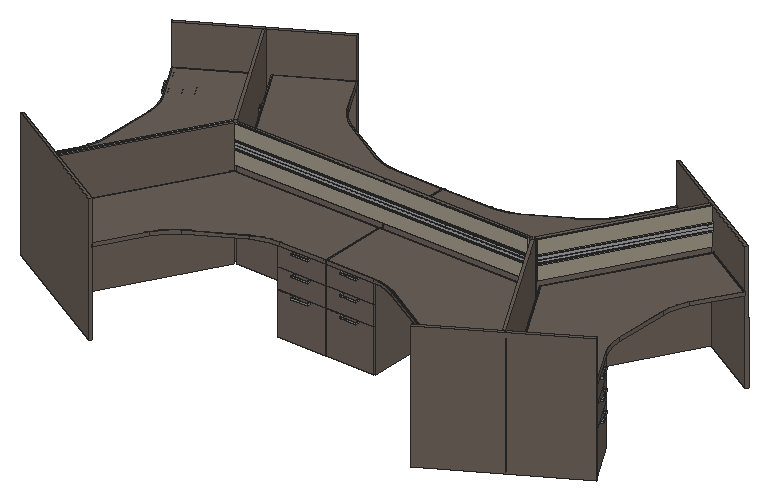
Revit family "STAKS010", category Furniture, Revit 2013 (continued)
Definition of nested family "FIRST OFFICE-STAKS-PEDESTALS-WORKSUFACE HEIGHT NO I BEAM-12W TO 16W"
  Dimensions and locks (in)
    locked: plane 15 to plane 4 "Right" at 0.75
    locked: plane 18 to plane 17 "BACK" at 0.125
    locked: plane 3 "Left" to plane 19 at 0.125
    locked: plane 20 to plane 4 "Right" at 0.125
    locked: plane 5 "CABINET FRONT" to Extrusion 7 at 3
    locked: Extrusion 7 to Extrusion 7 at 4
    locked: Extrusion 9 to Extrusion 9 at 4
    locked: Extrusion 9 to plane 18 at 2.87495
    locked: Extrusion 11 to Extrusion 11 at 4
    locked: Extrusion 12 to Extrusion 12 at 4
    locked: Extrusion 12 to Extrusion 12 at 0.75
    locked: Extrusion 12 to plane 18 at 0.625
    locked: plane 21 to plane 22 at 0.125
    locked: plane 6 "PEDESTAL TOP" to plane 1 at 27.375
    locked: Extrusion 21 to plane 1 at 1
    aligned: Extrusion 1 to plane 3 "Left"
    aligned: plane 4 "Right" to Extrusion 1
    aligned: Extrusion 1 to plane 1
    aligned and locked: level to plane 1
    aligned: Extrusion 1 to plane 6 "PEDESTAL TOP"
    aligned and locked: Masking region 1 sketch curve to Extrusion 1
    aligned and locked: Extrusion 1 to plane 5 "CABINET FRONT"
    aligned and locked: plane 7 "DRAWER FRONT" to Extrusion 1
    aligned and locked: plane 7 "DRAWER FRONT" to Masking region 1
    aligned and locked: Extrusion 2 sketch curve to plane 10
    aligned and locked: plane 13 to Extrusion 2 sketch curve
    aligned and locked: Extrusion 1 sketch curve to plane 12
    aligned and locked: plane 11 to Extrusion 1 sketch curve
    aligned and locked: Extrusion 3 to plane 17 "BACK"
    aligned and locked: plane 5 "CABINET FRONT" to Extrusion 3
    aligned and locked: Extrusion 2 to plane 10
    aligned and locked: Extrusion 3 to plane 1
    aligned and locked: Extrusion 2 to plane 8
    aligned and locked: plane 16 to Extrusion 3
    aligned and locked: plane 9 to Extrusion 2
    aligned and locked: plane 13 to Extrusion 2
    aligned and locked: Extrusion 1 to plane 12
    aligned and locked: plane 11 to Extrusion 1  (x2)
    aligned and locked: Extrusion 1 to plane 8
    aligned and locked: plane 9 to Extrusion 1
    aligned and locked: Extrusion 4 to plane 18
    aligned and locked: plane 16 to Extrusion 4
    aligned and locked: plane 5 "CABINET FRONT" to Extrusion 4
    aligned and locked: Extrusion 4 to plane 19
    aligned and locked: plane 4 "Right" to Extrusion 5
    aligned and locked: Extrusion 5 to plane 15
    aligned and locked: plane 20 to Extrusion 6
    aligned and locked: Extrusion 6 to plane 15
    aligned and locked: Extrusion 7 sketch curve to plane 16
    aligned and locked: Extrusion 7 sketch curve to plane 14
    aligned and locked: plane 15 to Extrusion 7 sketch curve
    aligned and locked: plane 11 to Extrusion 7 sketch curve
    aligned and locked: Extrusion 8 to plane 16
    aligned and locked: plane 15 to Extrusion 8
    aligned and locked: Extrusion 7 to Extrusion 8
    aligned and locked: Extrusion 5 to plane 17 "BACK"
    aligned and locked: Extrusion 6 to plane 18
    aligned and locked: Extrusion 9 to Extrusion 10
    aligned and locked: Extrusion 11 to Extrusion 12
    aligned and locked: Extrusion 12 to Extrusion 11
    aligned and locked: Extrusion 12 to plane 1
    aligned: Extrusion 13 to plane 10
    aligned and locked: plane 11 to Extrusion 13
    aligned and locked: Extrusion 14 to plane 5 "CABINET FRONT"
    aligned and locked: plane 7 "DRAWER FRONT" to Extrusion 14
    aligned and locked: Extrusion 13 to plane 21
    aligned and locked: plane 22 to Extrusion 15
    aligned and locked: Extrusion 15 to plane 12
    aligned and locked: Extrusion 14 to plane 8
    aligned and locked: plane 9 to Extrusion 14
    aligned and locked: Extrusion 10 to plane 16
    aligned and locked: plane 15 to Extrusion 10
    aligned and locked: Extrusion 13 to plane 5 "CABINET FRONT"
    aligned and locked: Extrusion 15 to plane 5 "CABINET FRONT"
    aligned and locked: plane 7 "DRAWER FRONT" to Extrusion 13
    aligned and locked: plane 7 "DRAWER FRONT" to Extrusion 15
    aligned and locked: plane 9 to Extrusion 13
    aligned and locked: plane 9 to Extrusion 15
    aligned and locked: Extrusion 13 to plane 8
    aligned and locked: Extrusion 15 to plane 8
    aligned and locked: plane 5 "CABINET FRONT" to Extrusion 16
    aligned and locked: Extrusion 16 to Extrusion 12
    aligned and locked: Extrusion 17 to plane 16
    aligned and locked: plane 15 to Extrusion 17
    aligned and locked: Extrusion 17 to Extrusion 16
    aligned and locked: Extrusion 17 to plane 17 "BACK"
    aligned and locked: Extrusion 21 sketch curve to plane 1
    aligned and locked: Extrusion 21 to Extrusion 17
    aligned and locked: plane 5 "CABINET FRONT" to Extrusion 21
  Automatic sketch dimensions
    Extrusion 1 sketch curve to plane 7 "DRAWER FRONT" = 0' - 0"
    Extrusion 1 sketch curve to plane 5 "CABINET FRONT" = 0' - 0"
    plane 7 "DRAWER FRONT" to Masking region 1 sketch curve = 0' - 0"
    Masking region 1 sketch curve to plane 8 = 0' - 0"
    plane 9 to Masking region 1 sketch curve = 0' - 0.0005"
    Extrusion 2 sketch curve to plane 7 "DRAWER FRONT" = 0' - 0"
    Extrusion 2 sketch curve to plane 5 "CABINET FRONT" = 0' - 0"
    Extrusion 3 sketch curve to level = 0' - 0"
    Extrusion 3 sketch curve to plane 3 "Left" = 0' - 0"
    Extrusion 3 sketch curve to plane 11 = 0' - 0"
    Extrusion 3 sketch curve to plane 16 = 0' - 0"
    Extrusion 4 sketch curve to plane 11 = 0' - 0"
    Extrusion 4 sketch curve to plane 19 = 0' - 0"
    Extrusion 4 sketch curve to plane 6 "PEDESTAL TOP" = 0' - 0"
    Extrusion 4 sketch curve to plane 16 = 0' - 0"
    Extrusion 5 sketch curve to level = 0' - 0"
    Extrusion 5 sketch curve to plane 15 = 0' - 0"
    Extrusion 5 sketch curve to plane 4 "Right" = 0' - 0"
    Extrusion 5 sketch curve to plane 11 = 0' - 0"
    Extrusion 6 sketch curve to plane 11 = 0' - 0"
    Extrusion 6 sketch curve to plane 15 = 0' - 0"
    Extrusion 6 sketch curve to plane 6 "PEDESTAL TOP" = 0' - 0"
    Extrusion 6 sketch curve to plane 20 = 0' - 0"
    Extrusion 8 sketch curve to plane 11 = 0' - 0"
    Extrusion 8 sketch curve to plane 6 "PEDESTAL TOP" = 0' - 0"
    Extrusion 8 sketch curve to plane 5 "CABINET FRONT" = 0' - 3"
    Extrusion 8 sketch curve to Extrusion 8 sketch curve = 0' - 0 5/8"
    Extrusion 9 sketch curve to plane 14 = 0' - 0"
    Extrusion 9 sketch curve to plane 16 = 0' - 0"
    Extrusion 9 sketch curve to plane 11 = 0' - 0"
    Extrusion 9 sketch curve to plane 15 = 0' - 0"
    Extrusion 10 sketch curve to plane 11 = 0' - 0"
    Extrusion 10 sketch curve to plane 6 "PEDESTAL TOP" = 0' - 0"
    plane 18 to Extrusion 10 sketch curve = 0' - 6.87495"
    Extrusion 10 sketch curve to Extrusion 10 sketch curve = 0' - 0 5/8"
    Extrusion 11 sketch curve to level = 0' - 0"
    Extrusion 11 sketch curve to plane 16 = 0' - 0"
    Extrusion 11 sketch curve to plane 15 = 0' - 0"
    plane 10 to Extrusion 11 sketch curve = 0' - 0 1/2"
    Extrusion 12 sketch curve to level = 0' - 0"
    Extrusion 12 sketch curve to plane 16 = 0' - 0"
    Extrusion 12 sketch curve to plane 15 = 0' - 0"
    plane 10 to Extrusion 12 sketch curve = 0' - 0 1/2"
    Extrusion 13 sketch curve to plane 7 "DRAWER FRONT" = 0' - 0"
    Extrusion 13 sketch curve to plane 5 "CABINET FRONT" = 0' - 0"
    Extrusion 13 sketch curve to plane 21 = 0' - 0"
    Extrusion 13 sketch curve to plane 11 = 0' - 0"
    Extrusion 14 sketch curve to plane 7 "DRAWER FRONT" = 0' - 0"
    Extrusion 14 sketch curve to plane 5 "CABINET FRONT" = 0' - 0"
    Extrusion 14 sketch curve to plane 10 = 0' - 0"
    Extrusion 14 sketch curve to plane 11 = 0' - 0"
    Extrusion 15 sketch curve to plane 7 "DRAWER FRONT" = 0' - 0"
    Extrusion 15 sketch curve to plane 5 "CABINET FRONT" = 0' - 0"
    Extrusion 15 sketch curve to plane 12 = 0' - 0"
    Extrusion 15 sketch curve to plane 22 = 0' - 0"
    Extrusion 16 sketch curve to plane 16 = 0' - 0"
    Extrusion 16 sketch curve to plane 15 = 0' - 0"
    Extrusion 16 sketch curve to plane 22 = 0' - 0.37505"
    plane 21 to Extrusion 16 sketch curve = 0' - 0.24995"
    Extrusion 17 sketch curve to level = 0' - 0"
    Extrusion 17 sketch curve to plane 11 = 0' - 0"
    Extrusion 17 sketch curve to plane 17 "BACK" = 0' - 0"
    plane 18 to Extrusion 17 sketch curve = 0' - 0 5/8"
    plane 7 "DRAWER FRONT" to Masking region 2 sketch curve = 0' - 0"  (x2)
    Masking region 2 sketch curve to plane 2 "Center Left/Right" = 0' - 2 23/32"
    Masking region 2 sketch curve to Masking region 2 sketch curve = 0' - 0 3/8"  (x2)
    plane 7 "DRAWER FRONT" to Masking region 2 sketch curve = 0' - 0 13/16"
    plane 2 "Center Left/Right" to Masking region 2 sketch curve = 0' - 2 11/32"
    Masking region 2 sketch curve to Masking region 2 sketch curve = 0' - 0 3/16"
    plane 7 "DRAWER FRONT" to Masking region 3 sketch curve = 0' - 0"
    Masking region 3 sketch curve to plane 8 = 0' - 0"
    plane 5 "CABINET FRONT" to Masking region 3 sketch curve = 0' - 0"
    Masking region 3 sketch curve to plane 9 = 0' - 0"
    Masking region 4 sketch curve to plane 3 "Left" = 0' - 0"
    Masking region 4 sketch curve to plane 4 "Right" = 0' - 0"
    plane 5 "CABINET FRONT" to Masking region 4 sketch curve = 0' - 0"
    plane 17 "BACK" to Masking region 4 sketch curve = 0' - 0"
    plane 7 "DRAWER FRONT" to Extrusion 18 sketch curve = 0' - 0"  (x2)
    plane 2 "Center Left/Right" to Extrusion 18 sketch curve = 0' - 2 23/32"
    Extrusion 18 sketch curve to Extrusion 18 sketch curve = 0' - 0 3/8"  (x2)
    Extrusion 18 sketch curve to plane 2 "Center Left/Right" = 0' - 2 11/32"
    Extrusion 18 sketch curve to Extrusion 18 sketch curve = 0' - 0 13/16"
    Extrusion 18 sketch curve to Extrusion 18 sketch curve = 0' - 0 3/16"
    plane 7 "DRAWER FRONT" to Extrusion 19 sketch curve = 0' - 0"  (x2)
    plane 2 "Center Left/Right" to Extrusion 19 sketch curve = 0' - 2 23/32"
    Extrusion 19 sketch curve to Extrusion 19 sketch curve = 0' - 0 3/8"  (x2)
    Extrusion 19 sketch curve to plane 2 "Center Left/Right" = 0' - 2 11/32"
    Extrusion 19 sketch curve to Extrusion 19 sketch curve = 0' - 0 13/16"
    Extrusion 19 sketch curve to Extrusion 19 sketch curve = 0' - 0 3/16"
    plane 7 "DRAWER FRONT" to Extrusion 20 sketch curve = 0' - 0"  (x2)
    plane 2 "Center Left/Right" to Extrusion 20 sketch curve = 0' - 2 23/32"
    Extrusion 20 sketch curve to Extrusion 20 sketch curve = 0' - 0 3/8"  (x2)
    Extrusion 20 sketch curve to plane 2 "Center Left/Right" = 0' - 2 11/32"
    Extrusion 20 sketch curve to Extrusion 20 sketch curve = 0' - 0 13/16"
    Extrusion 20 sketch curve to Extrusion 20 sketch curve = 0' - 0 3/16"
    Extrusion 21 sketch curve to plane 16 = 0' - 0"
    Extrusion 21 sketch curve to plane 15 = 0' - 0"
    plane 10 to Extrusion 21 sketch curve = 0' - 0 3/4"
Definition of nested family "FIRST OFFICE-STAKS-BRACKETS-PEDESTAL TO WALL"
  Parameters (values of type "FIRST OFFICE-STAKS-PEDESTAL TO WALL BRACKET 2")
    URL = "http://www.firstoffice.com/products/crossover/staks/"
    PED TO WALL 1 = no
    PED TO WALL 2 = yes
    Model = "PEDBKT-2"
    Manufacturer = "FIRST OFFICE-STAKS"
    MANUFACTURERS' CODE = "FOF"
    ENVIRONMENTAL = "http://www.firstoffice.com/products/crossover/staks/"
    Description = "PEDESTAL TO WALL BRACKET 2"
    CATALOG CODE = "FST"
    Assembly Code = ""
  Types (3): name | PED TO WALL 1 | PED TO WALL 2 | Model | Description
    (no name) | no | yes | "PEDBKT-2" | "PEDESTAL TO WALL BRACKET 2"
    FIRST OFFICE-STAKS-PEDESTAL TO WALL BRACKET 1 | yes | no | "PEDBKT-1" | "PEDESTAL TO WALL BRACKET 1"
    FIRST OFFICE-STAKS-PEDESTAL TO WALL BRACKET 2 | no | yes | "PEDBKT-2" | "PEDESTAL TO WALL BRACKET 2"
  Reference planes (in)
    plane 1 "Back": y = 0
    plane 2: z = 0
    plane 3 "Center Left/Right": x = 0
    plane 4: z = 20
    plane 5: y = -4
    plane 6: x = 2.0625
  Forms (in)
    Extrusion 1, solid, material "STAKS BLACK", visible <- "PED TO WALL 1"
      sketch origin (0, 0, 0) x (1, 0, 0) y (0, 1, 0)
        loop
          line (0.875, 0) -> (0, 0) -> (0, -0.0625) -> (0.875, -0.0625)
          arc (0.875, -0.0625) -> (0.96339, -0.09911) -> (1, -0.1875) r 0.125
          line (1, -0.1875) -> (1, -3.8125)
          arc (1, -3.8125) -> (1.05492, -3.94508) -> (1.1875, -4) r 0.1875
          line (1.1875, -4) -> (2.0625, -4) -> (2.0625, -3.9375) -> (1.1875, -3.9375)
          arc (1.1875, -3.9375) -> (1.09911, -3.90089) -> (1.0625, -3.8125) r 0.125
          line (1.0625, -3.8125) -> (1.0625, -0.1875)
          arc (1.0625, -0.1875) -> (1.00758, -0.05492) -> (0.875, 0) r 0.1875
      from 17.6875 to 19.8125
    Extrusion 2, solid, material "STAKS BLACK", visible <- "PED TO WALL 1"
      sketch origin (0, 0, 0) x (1, 0, 0) y (0, 0, 1)
        loop
          line (1.1875, 19.9375) -> (1.5, 19.9375) -> (1.5, 20) -> (1.1875, 20)
          arc (1.1875, 20) -> (1.05492, 19.94508) -> (1, 19.8125) r 0.1875
          line (1, 19.8125) -> (1.0625, 19.8125)
          arc (1.0625, 19.8125) -> (1.09911, 19.90089) -> (1.1875, 19.9375) r 0.125
        loop
          arc (1.1875, 17.5625) -> (1.09911, 17.59911) -> (1.0625, 17.6875) r 0.125
          line (1.0625, 17.6875) -> (1, 17.6875)
          arc (1, 17.6875) -> (1.05492, 17.55492) -> (1.1875, 17.5) r 0.1875
          line (1.1875, 17.5) -> (1.5, 17.5) -> (1.5, 17.5625) -> (1.1875, 17.5625)
      from 0.1875 to 3.8125
    Extrusion 3, solid, material "STAKS BLACK", visible <- "PED TO WALL 2"
      sketch origin (0, 0, 0) x (1, 0, 0) y (0, 1, 0)
        loop
          line (0.875, 0) -> (0, 0) -> (0, -0.0625) -> (0.875, -0.0625)
          arc (0.875, -0.0625) -> (0.96339, -0.09911) -> (1, -0.1875) r 0.125
          line (1, -0.1875) -> (1, -4.99544) -> (1.0625, -4.99544) -> (1.0625, -0.1875)
          arc (1.0625, -0.1875) -> (1.00758, -0.05492) -> (0.875, 0) r 0.1875
      from 17.6875 to 19.8125
    Extrusion 4, solid, material "STAKS BLACK", visible <- "PED TO WALL 2"
      sketch origin (2.0625, 0, 0) x (-1, 0, 0) y (0, 0, -1)
        loop
          arc (1.1875, -19.9375) -> (1.09911, -19.90089) -> (1.0625, -19.8125) r 0.125
          line (1.0625, -19.8125) -> (1, -19.8125)
          arc (1, -19.8125) -> (1.05492, -19.94508) -> (1.1875, -20) r 0.1875
          line (1.1875, -20) -> (1.5, -20) -> (1.5, -19.9375) -> (1.1875, -19.9375)
        loop
          line (1.1875, -17.5625) -> (1.5, -17.5625) -> (1.5, -17.5) -> (1.1875, -17.5)
          arc (1.1875, -17.5) -> (1.05492, -17.55492) -> (1, -17.6875) r 0.1875
          line (1, -17.6875) -> (1.0625, -17.6875)
          arc (1.0625, -17.6875) -> (1.09911, -17.59911) -> (1.1875, -17.5625) r 0.125
      from 0.1875 to 4
  Cuts and joins
    joined: Extrusion 1, Extrusion 2
    joined: Extrusion 3, Extrusion 4
  Lines and regions (in)
    Masking region 1, visible <- "PED TO WALL 1"
      outline origin (0, 0, 0) x (1, 0, 0) y (0, 1, 0)
        loop
          arc (0.875, -0.0625) -> (0.96339, -0.09911) -> (1, -0.1875) r 0.125
          line (1, -0.1875) -> (1, -3.8125)
          arc (1, -3.8125) -> (1.05492, -3.94508) -> (1.1875, -4) r 0.1875
          line (1.1875, -4) -> (2.0625, -4) -> (2.0625, -3.9375) -> (1.1875, -3.9375)
          arc (1.1875, -3.9375) -> (1.09911, -3.90089) -> (1.0625, -3.8125) r 0.125
          line (1.0625, -3.8125) -> (1.50164, -3.8125) -> (1.50164, -0.1875) -> (1.0625, -0.1875)
          arc (1.0625, -0.1875) -> (1.00758, -0.05492) -> (0.875, 0) r 0.1875
          line (0.875, 0) -> (0, 0) -> (0, -0.0625) -> (0.875, -0.0625)
    Masking region 2, visible <- "PED TO WALL 2"
      outline origin (0, 0, 0) x (1, 0, 0) y (0, 1, 0)
        loop
          arc (0.875, -0.0625) -> (0.96339, -0.09911) -> (1, -0.1875) r 0.125
          line (1, -0.1875) -> (0.5625, -0.1875) -> (0.5625, -4) -> (1, -4) -> (1, -4.99544) -> (1.0625, -4.99544) -> (1.0625, -0.1875)
          arc (1.0625, -0.1875) -> (1.00758, -0.05492) -> (0.875, 0) r 0.1875
          line (0.875, 0) -> (0, 0) -> (0, -0.0625) -> (0.875, -0.0625)
Definition of nested family "FIRST OFFICE-STAKS-BRACKETS-WORKSURFACE-SCWBKT"
  Parameters (values of type "FIRST OFFICE-STAKS-BRACKET-WORKSURFACE-16"")
    WB LNGTH = 1' - 4"
    URL = "http://www.firstoffice.com/products/crossover/staks/"
    Model = "SCWBKT-1"
    Manufacturer = "FIRST OFFICE-STAKS"
    MANUFACTURERS' CODE = "FOF"
    ENVIRONMENTAL = "http://www.firstoffice.com/products/crossover/staks/"
    Description = "WORKSURFACE BRACKET 1"
    CATALOG CODE = "FST"
    Assembly Code = ""
  Types (3): name | WB LNGTH | Model | Description
    (no name) | 1' - 4" | "SCWBKT-1" | "WORKSURFACE BRACKET 1"
    FIRST OFFICE-STAKS-BRACKET-WORKSURFACE-8" | 0' - 8" | "SCWBKT-2" | "WORKSURFACE BRACKET 2"
    FIRST OFFICE-STAKS-BRACKET-WORKSURFACE-16" | 1' - 4" | "SCWBKT-1" | "WORKSURFACE BRACKET 1"
  Reference planes (in)
    plane 1 "Back": y = 0
    plane 2: z = 0
    plane 3 "VERTICAL SIDE": x = 0
    plane 4: z = 27.375
    plane 5: y = -16
    plane 6: x = 2
  Forms (in)
    Extrusion 1, solid, material "STAKS BLACK"
      sketch origin (0, 0, 0) x (1, 0, 0) y (0, 0, 1)
        loop
          line (0.0641, 25.375) -> (0.0641, 27.3109) -> (2, 27.3109) -> (2, 27.375) -> (0, 27.375) -> (0, 25.375) -> (0.0641, 25.375)
      from 0 to 16
  Lines and regions (in)
    Masking region 1
      outline origin (0, 0, 0) x (1, 0, 0) y (0, 1, 0)
        loop
          line (0, 0) -> (0, -16) -> (2, -16) -> (2, 0) -> (0, 0)
  Dimensions and locks (in)
    "WB LNGTH": plane 5 to plane 1 "Back"
    aligned and locked: Extrusion 1 to plane 1 "Back"
    aligned and locked: plane 5 to Extrusion 1
    aligned and locked: Extrusion 1 to plane 3 "VERTICAL SIDE"
    aligned and locked: plane 6 to Extrusion 1
  Automatic sketch dimensions
    Extrusion 1 sketch curve to plane 3 "VERTICAL SIDE" = 0' - 0"
    Extrusion 1 sketch curve to plane 6 = 0' - 0"
    Extrusion 1 sketch curve to plane 4 = 0' - 0"
    plane 3 "VERTICAL SIDE" to Extrusion 1 sketch curve = 0' - 0.0641"
    Extrusion 1 sketch curve to plane 4 = 0' - 0.0641"
    Extrusion 1 sketch curve to Extrusion 1 sketch curve = 0' - 1.9359"
    Masking region 1 sketch curve to plane 3 "VERTICAL SIDE" = 0' - 0"
    Masking region 1 sketch curve to plane 6 = 0' - 0"
    plane 5 to Masking region 1 sketch curve = 0' - 0"
    plane 1 "Back" to Masking region 1 sketch curve = 0' - 0"
Definition of nested family "FIRST OFFICE-STAKS-BRACKETS-CANTILEVER"
  Parameters (values of type "FIRST OFFICE-STAKS- BRACKETS-CANTILEVER 28"")
    URL = "http://www.firstoffice.com/products/crossover/staks/"
    CANTILEVER = yes
    Model = "WSBKT36"
    Manufacturer = "FIRST OFFICE-STAKS"
    MANUFACTURERS' CODE = "FOF"
    ENVIRONMENTAL = "http://www.firstoffice.com/products/crossover/staks/"
    Description = "CANTILEVER 36\" WORKSURFACE BRACKET"
    OPEN CANTILEVER = no
    CATALOG CODE = "FST"
    BRKT LENGHTH = 2' - 4"
    Assembly Code = ""
  Types (9): name | CANTILEVER | Model | Description | OPEN CANTILEVER | BRKT LENGHTH
    (no name) | yes | "WSBKT36" | "CANTILEVER 36\" WORKSURFACE BRACKET" | no | 2' - 4"
    FIRST OFFICE-STAKS- BRACKETS-CANTILEVER 10" | yes | "WSBKT14" | "CANTILEVER 14\" WORKSURFACE BRACKET" | no | 0' - 10"
    FIRST OFFICE-STAKS- BRACKETS-CANTILEVER 16" | yes | "WSBKT22" | "CANTILEVER 22\" WORKSURFACE BRACKET" | no | 1' - 4"
    FIRST OFFICE-STAKS- BRACKETS-CANTILEVER 22" | yes | "WSBKT30" | "CANTILEVER 30\" WORKSURFACE BRACKET" | no | 1' - 10"
    FIRST OFFICE-STAKS- BRACKETS-CANTILEVER 28" | yes | "WSBKT36" | "CANTILEVER 36\" WORKSURFACE BRACKET" | no | 2' - 4"
    FIRST OFFICE-STAKS- BRACKETS-CANTILEVER-OPEN 10" | no | "OWSBKT14" | "OPEN CANTILEVER 14\" WORKSURFACE BRACKET" | yes | 0' - 10"
    FIRST OFFICE-STAKS- BRACKETS-CANTILEVER-OPEN 16" | no | "OWSBKT22" | "OPEN CANTILEVER 22\" WORKSURFACE BRACKET" | yes | 1' - 4"
    FIRST OFFICE-STAKS- BRACKETS-CANTILEVER-OPEN 22" | no | "OWSBKT30" | "OPEN CANTILEVER 30\" WORKSURFACE BRACKET" | yes | 1' - 10"
    FIRST OFFICE-STAKS- BRACKETS-CANTILEVER-OPEN 28" | no | "OWSBKT36" | "OPEN CANTILEVER 36\" WORKSURFACE BRACKET" | yes | 2' - 4"
  Reference planes (in)
    plane 1 "Center Front/Back": y = 0
    plane 2: z = 0
    plane 3 "Center Left/Right": x = 0
    plane 4: y = -28
    plane 5: y = -1.625
    plane 6: z = 27.375
    plane 7: z = 21.125
    plane 8: x = 1.5
    plane 9: z = 27.25
  Forms (in)
    Extrusion 1, solid, material "STAKS BRACKETS", visible <- "CANTILEVER"
      sketch origin (0.75575, 0, -0.00016) x (1, 0, 0) y (0, 0, 1)
        loop
          line (-0.59885, 27.2704) -> (0.34885, 27.2704) -> (0.34885, 27.375) -> (-0.59885, 27.375)
          arc (-0.59885, 27.375) -> (-0.7098, 27.32904) -> (-0.75575, 27.2181) r 0.1569
          line (-0.75575, 27.2181) -> (-0.65115, 27.2181)
          arc (-0.65115, 27.2181) -> (-0.63583, 27.25508) -> (-0.59885, 27.2704) r 0.0523
      from 1.70815 to 28
    Extrusion 2, solid, material "STAKS BRACKETS", visible <- "CANTILEVER"
      sketch origin (0.75575, -27.375, -0.62516) x (1, 0, 0) y (0, 1, 0)
        loop
          line (-0.59885, 27.2704) -> (0.59885, 27.2704) -> (0.59885, 27.375) -> (-0.59885, 27.375)
          arc (-0.59885, 27.375) -> (-0.7098, 27.32904) -> (-0.75575, 27.2181) r 0.1569
          line (-0.75575, 27.2181) -> (-0.65115, 27.2181)
          arc (-0.65115, 27.2181) -> (-0.63583, 27.25508) -> (-0.59885, 27.2704) r 0.0523
      from 22.00017 to 26.29185
    Extrusion 3, solid, material "STAKS BRACKETS", visible <- "CANTILEVER"
      sketch origin (0, 0, -0.00016) x (0, 1, 0) y (0, 0, 1)
        loop
          line (-0.1569, 21.37517) -> (-0.1569, 25.66685) -> (-0.1046, 25.66685) -> (-1.70815, 27.2704) -> (-1.70815, 27.2181) -> (-1.99945, 27.2181) -> (-1.99945, 24.8502)
          arc (-1.99945, 24.8502) -> (-2.05062, 24.79204) -> (-2.125, 24.7704) r 0.13867
          line (-2.125, 24.7704) -> (-4.875, 24.7704)
          arc (-4.875, 24.7704) -> (-4.96339, 24.80701) -> (-5, 24.8954) r 0.125
          line (-5, 24.8954) -> (-5, 27.2181) -> (-28, 27.2181)
          arc (-28, 27.2181) -> (-27.89606, 26.96462) -> (-27.67545, 26.80219) r 0.50714
          line (-27.67545, 26.80219) -> (-2.20992, 21.75649)
          arc (-2.20992, 21.75649) -> (-1.1975, 21.48997) -> (-0.1569, 21.37517) r 7.10188
      from 0 to 0.1046
    Extrusion 4, void
      sketch origin (0, 0, -0.00016) x (0, 1, 0) y (0, 0, 1)
        loop
          line (-1.99945, 27.2181) -> (-1.99945, 27.375) -> (-5, 27.375) -> (-5, 27.2181) -> (-1.99945, 27.2181)
      from 0 to 0.1046
    Extrusion 5, solid, material "STAKS BRACKETS", visible <- "OPEN CANTILEVER"
      sketch origin (0, 0, 0) x (0, 1, 0) y (0, 0, 1)
        loop
          line (-1.67678, 27.25) -> (-0.125, 25.69822) -> (0, 25.75) -> (-1.625, 27.375) -> (-1.67678, 27.25)
      from 0 to 1.5
    Extrusion 6, solid, material "STAKS BRACKETS", visible <- "OPEN CANTILEVER"
      sketch origin (0, 0, 0) x (0, 1, 0) y (0, 0, 1)
        loop
          line (-0.125, 25.69822) -> (-0.125, 21.125) -> (0, 21.125) -> (0, 25.75) -> (-0.125, 25.69822)
      from 0 to 1.5
    Extrusion 7, solid, material "STAKS BRACKETS", visible <- "OPEN CANTILEVER"
      sketch origin (0, 0, 0) x (0, 1, 0) y (0, 0, 1)
        loop
          line (-1.625, 27.375) -> (-28, 27.375) -> (-28, 27.25) -> (-1.67678, 27.25) -> (-1.625, 27.375)
      from 0 to 1.5
    Extrusion 8, solid, material "STAKS BRACKETS", visible <- "OPEN CANTILEVER"
      sketch origin (-4.45494, 0, 0.0936) x (0, 1, 0) y (0, 0, 1)
        loop
          line (-0.125, 21.09762) -> (-0.125, 21.8654) -> (-24.28033, 27.1564) -> (-27.78553, 27.1564) -> (-0.125, 21.09762)
      from 5.07994 to 5.32994
  Cuts and joins
    Extrusion 4 cuts Extrusion 1
    Extrusion 4 cuts Extrusion 3
    joined: Extrusion 1, Extrusion 2, Extrusion 3
  Lines and regions (in)
    Masking region 1, visible <- "CANTILEVER"
      outline origin (0, 0, 0) x (1, 0, 0) y (0, 1, 0)
        loop
          line (1.3546, 0) -> (0.1569, 0)
          arc (0.1569, 0) -> (0.04595, -0.04595) -> (0, -0.1569) r 0.1569
          line (0, -0.1569) -> (0, -28) -> (1.1046, -28) -> (1.1046, -1.70815) -> (0.1046, -1.70815) -> (0.1046, -0.1574)
          arc (0.1046, -0.1574) -> (0.12006, -0.12006) -> (0.1574, -0.1046) r 0.0528
          line (0.1574, -0.1046) -> (1.3546, -0.1046) -> (1.3546, 0)
    Masking region 2, visible <- "OPEN CANTILEVER"
      outline origin (0, 0, 0) x (1, 0, 0) y (0, 1, 0)
        loop
          line (1.5, 0) -> (0, 0) -> (0, -1.625) -> (1.5, -1.625) -> (1.5, 0)
    Masking region 3, visible <- "OPEN CANTILEVER"
      outline origin (0, 0, 0) x (1, 0, 0) y (0, 1, 0)
        loop
          line (1.5, -1.625) -> (0, -1.625) -> (0, -28) -> (1.5, -28) -> (1.5, -1.625)
  Dimensions and locks (in)
    "BRKT LENGHTH": plane 4 to plane 1 "Center Front/Back"
    locked: plane 1 "Center Front/Back" to cut or joined group of Extrusion 1, Extrusion 2, Extrusion 3, Extrusion 4 at 1.70815
    locked: plane 1 "Center Front/Back" to cut or joined group of Extrusion 1, Extrusion 2, Extrusion 3, Extrusion 4 at 1.99945
    locked: cut or joined group of Extrusion 1, Extrusion 2, Extrusion 3, Extrusion 4 to cut or joined group of Extrusion 1, Extrusion 2, Extrusion 3, Extrusion 4 at 3.00055
    locked: plane 1 "Center Front/Back" to plane 5 at 1.625
    Extrusion 8 sketch curve to Extrusion 8 sketch curve = 0' - 0 3/4"
    locked: plane 3 "Center Left/Right" to Extrusion 8 at 0.625
    locked: Extrusion 8 to plane 8 at 0.625
    aligned and locked: Extrusion 4 sketch curve to Extrusion 1
    aligned and locked: Extrusion 4 sketch curve to Extrusion 3
    aligned and locked: Extrusion 3 to Extrusion 4 sketch curve  (x2)
    aligned and locked: plane 4 to cut or joined group of Extrusion 1, Extrusion 2, Extrusion 3, Extrusion 4
    aligned and locked: cut or joined group of Extrusion 1, Extrusion 2, Extrusion 3, Extrusion 4 to plane 1 "Center Front/Back"
    aligned and locked: Extrusion 5 to Extrusion 6
    aligned and locked: Extrusion 6 to Extrusion 5
    aligned and locked: Extrusion 5 to Extrusion 7
    aligned and locked: Extrusion 7 to Extrusion 5
    aligned and locked: Extrusion 7 to plane 3 "Center Left/Right"
    aligned and locked: plane 8 to Extrusion 7
    aligned and locked: Extrusion 8 to Extrusion 6
    aligned and locked: plane 9 to Extrusion 8 sketch curve
  Automatic sketch dimensions
    Extrusion 1 sketch curve to Extrusion 1 sketch curve = 0' - 0"  (x2)
    Extrusion 1 sketch curve to plane 3 "Center Left/Right" = 0' - 0"
    plane 3 "Center Left/Right" to Extrusion 1 sketch curve = 0' - 0.1046"
    plane 3 "Center Left/Right" to Extrusion 1 sketch curve = 0' - 0.1569"
    Extrusion 1 sketch curve to Extrusion 1 sketch curve = 0' - 0.9477"
    level to Extrusion 1 sketch curve = 2' - 3.21794"
    Extrusion 2 sketch curve to Extrusion 2 sketch curve = 0' - 0"  (x2)
    plane 1 "Center Front/Back" to Extrusion 2 sketch curve = 0' - 0"
    Extrusion 2 sketch curve to plane 3 "Center Left/Right" = 0' - 0"
    plane 3 "Center Left/Right" to Extrusion 2 sketch curve = 0' - 0.1046"
    plane 3 "Center Left/Right" to Extrusion 2 sketch curve = 0' - 0.1569"
    Extrusion 2 sketch curve to Extrusion 2 sketch curve = 0' - 1.1977"
    Extrusion 3 sketch curve to plane 4 = 0' - 0"
    Extrusion 3 sketch curve to plane 4 = 0' - 0.32455"
    Extrusion 3 sketch curve to plane 6 = 0' - 0.09855"
    Extrusion 3 sketch curve to plane 4 = 0' - 0.50375"
    plane 5 to Extrusion 3 sketch curve = 0' - 3 3/8"
    Extrusion 3 sketch curve to Extrusion 3 sketch curve = 0' - 0 1/8"
    plane 5 to Extrusion 3 sketch curve = 0' - 0.58492"
    plane 5 to Extrusion 3 sketch curve = 0' - 0 1/2"
    plane 5 to Extrusion 3 sketch curve = 0' - 0.37445"
    plane 5 to Extrusion 3 sketch curve = 0' - 0.08315"
    Extrusion 3 sketch curve to Extrusion 3 sketch curve = 0' - 0.0523"  (x2)
    Extrusion 3 sketch curve to plane 1 "Center Front/Back" = 0' - 0.0994"
    Extrusion 3 sketch curve to Extrusion 3 sketch curve = 0' - 0.75778"
    Extrusion 3 sketch curve to Extrusion 3 sketch curve = 0' - 2.3227"
    plane 7 to Extrusion 3 sketch curve = 0' - 0.63133"
    Extrusion 3 sketch curve to Extrusion 3 sketch curve = 0' - 0.38132"
    Masking region 1 sketch curve to plane 3 "Center Left/Right" = 0' - 0"
    plane 1 "Center Front/Back" to Masking region 1 sketch curve = 0' - 0"
    plane 4 to Masking region 1 sketch curve = 0' - 0"
    plane 3 "Center Left/Right" to Masking region 1 sketch curve = 0' - 0.1046"
    plane 3 "Center Left/Right" to Masking region 1 sketch curve = 0' - 0.1569"
    Masking region 1 sketch curve to Masking region 1 sketch curve = 0' - 0.0005"
    plane 3 "Center Left/Right" to Masking region 1 sketch curve = 0' - 1.1046"
    plane 1 "Center Front/Back" to Masking region 1 sketch curve = 0' - 0.1046"
    Masking region 1 sketch curve to Masking region 1 sketch curve = 0' - 1.1972"
    plane 5 to Masking region 1 sketch curve = 0' - 0.08315"
    Extrusion 5 sketch curve to plane 5 = 0' - 0"
    Extrusion 5 sketch curve to plane 1 "Center Front/Back" = 0' - 0"
    Extrusion 5 sketch curve to plane 6 = 0' - 0"
    plane 5 to Extrusion 5 sketch curve = 0' - 0.05178"
    Extrusion 5 sketch curve to Extrusion 5 sketch curve = 0' - 0.05178"
    Extrusion 6 sketch curve to plane 1 "Center Front/Back" = 0' - 0"
    Extrusion 6 sketch curve to plane 7 = 0' - 0"
    Extrusion 6 sketch curve to Extrusion 6 sketch curve = 0' - 0.05178"
    Extrusion 7 sketch curve to plane 4 = 0' - 0"
    Extrusion 7 sketch curve to plane 5 = 0' - 0"
    Extrusion 7 sketch curve to plane 6 = 0' - 0"
    plane 5 to Extrusion 7 sketch curve = 0' - 0.05178"
    plane 7 to Extrusion 8 sketch curve = 0' - 0.06622"
    Extrusion 8 sketch curve to plane 4 = 0' - 0.21447"
    plane 1 "Center Front/Back" to Extrusion 3 sketch curve = 0' - 0.1569"
    plane 1 "Center Front/Back" to Extrusion 5 sketch curve = 0' - 0 1/8"
    plane 1 "Center Front/Back" to Extrusion 6 sketch curve = 0' - 0 1/8"
    Extrusion 3 sketch curve to plane 6 = 0' - 2.60476"
    Extrusion 3 sketch curve to Extrusion 3 sketch curve = 0' - 0.0798"
    Extrusion 3 sketch curve to plane 6 = 0' - 0.15706"
    Extrusion 5 sketch curve to plane 6 = 0' - 0 1/8"
    Extrusion 5 sketch curve to plane 6 = 0' - 1 5/8"
    Extrusion 6 sketch curve to plane 6 = 0' - 1.67678"
    Extrusion 7 sketch curve to plane 6 = 0' - 0 1/8"
    plane 1 "Center Front/Back" to Extrusion 8 sketch curve = 0' - 0 1/8"
    Masking region 2 sketch curve to plane 3 "Center Left/Right" = 0' - 0"
    plane 5 to Masking region 2 sketch curve = 0' - 0"
    Masking region 2 sketch curve to plane 8 = 0' - 0"
    plane 1 "Center Front/Back" to Masking region 2 sketch curve = 0' - 0"
    Masking region 3 sketch curve to plane 3 "Center Left/Right" = 0' - 0"
    plane 4 to Masking region 3 sketch curve = 0' - 0"
    Masking region 3 sketch curve to plane 8 = 0' - 0"
    plane 5 to Masking region 3 sketch curve = 0' - 0"
Definition of nested family "FIRST OFFICE-STAKS-BRACKETS-CANTILEVER-CONCEALED"
  Parameters (values of type "FIRST OFFICE-STAKS- BRACKETS-CANTILEVER-CONCEALED 22"")
    URL = "http://www.firstoffice.com/products/crossover/staks/"
    Model = "WSBKTC22"
    Manufacturer = "FIRST OFFICE-STAKS"
    MANUFACTURERS' CODE = "FOF"
    ENVIRONMENTAL = "http://www.firstoffice.com/products/crossover/staks/"
    Description = "CONCEALED CANTILEVER 22\" WORKSURFACE BRACKET"
    CATALOG CODE = "FST"
    BRKT LENGHTH = 1' - 4"
    Assembly Code = ""
  Types (3): name | Model | Description | BRKT LENGHTH
    (no name) | "WSBKTC22" | "CONCEALED CANTILEVER 22\" WORKSURFACE BRACKET" | 1' - 4"
    FIRST OFFICE-STAKS- BRACKETS-CANTILEVER-CONCEALED-MINI | "WSBKTC" | "MINI CONCEALED CANTILEVER WORKSURFACE BRACKET" | 0' - 3 3/4"
    FIRST OFFICE-STAKS- BRACKETS-CANTILEVER-CONCEALED 22" | "WSBKTC22" | "CONCEALED CANTILEVER 22\" WORKSURFACE BRACKET" | 1' - 4"
  Reference planes (in)
    plane 1 "Center Front/Back": y = 0
    plane 2: z = 0
    plane 3 "Center Left/Right": x = 0
    plane 4: y = -16
    plane 5: y = -1.625
    plane 6: z = 27.375
    plane 7: z = 21.125
    plane 8: x = 1.5
    plane 9: z = 27.25
  Forms (in)
    Extrusion 1, solid, material "STAKS BRACKETS"
      sketch origin (0, 0, 0) x (0, 1, 0) y (0, 0, 1)
        loop
          line (-1.72855, 27.125) -> (-0.25, 25.64645) -> (0, 25.75) -> (-1.625, 27.375) -> (-1.72855, 27.125)
      from 0 to 1.5
    Extrusion 2, solid, material "STAKS BRACKETS"
      sketch origin (0, 0, 0) x (0, 1, 0) y (0, 0, 1)
        loop
          line (-0.125, 25.69822) -> (-0.125, 21.125) -> (0, 21.125) -> (0, 25.75) -> (-0.125, 25.69822)
      from 0 to 1.5
    Extrusion 3, solid, material "STAKS BRACKETS"
      sketch origin (0, 0, 0) x (0, 1, 0) y (0, 0, 1)
        loop
          line (-1.625, 27.375) -> (-16, 27.375) -> (-16, 27.125) -> (-1.72855, 27.125) -> (-1.625, 27.375)
      from 0 to 1.5
  Lines and regions (in)
    Masking region 1
      outline origin (0, 0, 0) x (1, 0, 0) y (0, 1, 0)
        loop
          line (1.5, 0) -> (0, 0) -> (0, -16) -> (1.5, -16) -> (1.5, 0)
  Dimensions and locks (in)
    "BRKT LENGHTH": plane 4 to plane 1 "Center Front/Back"
    locked: plane 1 "Center Front/Back" to plane 5 at 1.625
    aligned and locked: Extrusion 1 to Extrusion 2
    aligned and locked: Extrusion 2 to Extrusion 1
    aligned and locked: Extrusion 1 to Extrusion 3
    aligned and locked: Extrusion 3 to Extrusion 1
    aligned and locked: Extrusion 3 to plane 3 "Center Left/Right"
    aligned and locked: plane 8 to Extrusion 3
  Automatic sketch dimensions
    Extrusion 1 sketch curve to plane 5 = 0' - 0"
    Extrusion 1 sketch curve to plane 1 "Center Front/Back" = 0' - 0"
    Extrusion 1 sketch curve to plane 6 = 0' - 0"
    plane 5 to Extrusion 1 sketch curve = 0' - 0.10355"
    Extrusion 1 sketch curve to Extrusion 1 sketch curve = 0' - 0.10355"
    Extrusion 2 sketch curve to plane 1 "Center Front/Back" = 0' - 0"
    Extrusion 2 sketch curve to plane 7 = 0' - 0"
    Extrusion 2 sketch curve to Extrusion 2 sketch curve = 0' - 0.05178"
    Extrusion 3 sketch curve to plane 4 = 0' - 0"
    Extrusion 3 sketch curve to plane 5 = 0' - 0"
    Extrusion 3 sketch curve to plane 6 = 0' - 0"
    plane 5 to Extrusion 3 sketch curve = 0' - 0.10355"
    plane 1 "Center Front/Back" to Extrusion 1 sketch curve = 0' - 0 1/4"
    plane 1 "Center Front/Back" to Extrusion 2 sketch curve = 0' - 0 1/8"
    Extrusion 1 sketch curve to plane 6 = 0' - 0 1/4"
    Extrusion 1 sketch curve to plane 6 = 0' - 1 5/8"
    Extrusion 2 sketch curve to plane 6 = 0' - 1.67678"
    Extrusion 3 sketch curve to plane 6 = 0' - 0 1/4"
    Masking region 1 sketch curve to plane 3 "Center Left/Right" = 0' - 0"
    plane 4 to Masking region 1 sketch curve = 0' - 0"
    Masking region 1 sketch curve to plane 8 = 0' - 0"
    plane 1 "Center Front/Back" to Masking region 1 sketch curve = 0' - 0"
Definition of nested family "FIRST OFFICE-STAKS-WALL-TACKBOARDS"
  Parameters (values of type "FIRST OFFICE-STAKS-TACKBOARD 48-27 X 12")
    URL = "http://www.firstoffice.com/products/crossover/staks/"
    TACKBOARD TRIPLE = no
    TACKBOARD SINGLE = no
    TACKBOARD = yes
    Model = "FT30A"
    Manufacturer = "FIRST OFFICE-STAKS"
    MANUFACTURERS' CODE = "FOF"
    ENVIRONMENTAL = "http://www.firstoffice.com/products/crossover/staks/"
    Description = "48-27 TACKBOARD 12 HIGH"
    TACKBORD WIDTH [instance] = 2' - 3"
    TACKBOARD HEIGHT = 1' - 0"
    CATALOG CODE = "FST"
    Assembly Code = ""
  Types (18): name | TACKBOARD TRIPLE | TACKBOARD SINGLE | TACKBOARD | Model | Description | TACKBORD WIDTH | TACKBOARD HEIGHT
    FIRST OFFICE-STAKS-TACKBOARD 48-27 X 12 | no | no | yes | "FT30A" | "48-27 TACKBOARD 12 HIGH" | 2' - 3" | 1' - 0"
    FIRST OFFICE-STAKS-TACKBOARD 73-49 X 12 | no | no | yes | "FT30B" | "73-49 TACKBOARD 12 HIGH" | 4' - 1" | 1' - 0"
    FIRST OFFICE-STAKS-TACKBOARD 96-74 X 12 | no | no | yes | "FT30C" | "96-74 TACKBOARD 12 HIGH" | 6' - 2" | 1' - 0"
    FIRST OFFICE-STAKS-TACKBOARD 48-27 X 18.5 | no | no | yes | "FT30D" | "48-27 TACKBOARD 18.5 HIGH" | 2' - 3" | 1' - 6 1/2"
    FIRST OFFICE-STAKS-TACKBOARD 73-49 X 18.5 | no | no | yes | "FT30E" | "73-49 TACKBOARD 18.5 HIGH" | 4' - 1" | 1' - 6 1/2"
    FIRST OFFICE-STAKS-TACKBOARD 96-74 X 18.5 | no | no | yes | "FT30F" | "96-74 TACKBOARD 18.5 HIGH" | 6' - 2" | 1' - 6 1/2"
    FIRST OFFICE-STAKS-TACKBOARD SINGLE 48-27 X 12 | no | yes | no | "FTS30A" | "48-27 TACKBOARD SINGLE 12 HIGH" | 2' - 3" | 1' - 0"
    FIRST OFFICE-STAKS-TACKBOARD SINGLE 73-49 X 12 | no | yes | no | "FTS30B" | "73-49 TACKBOARD SINGLE 12 HIGH" | 4' - 1" | 1' - 0"
    FIRST OFFICE-STAKS-TACKBOARD SINGLE 96-74 X 12 | no | yes | no | "FTS30C" | "96-74 TACKBOARD SINGLE 12 HIGH" | 6' - 2" | 1' - 0"
    FIRST OFFICE-STAKS-TACKBOARD SINGLE 48-27 X 18.5 | no | yes | no | "FTS30D" | "48-27 TACKBOARD SINGLE 18.5 HIGH" | 2' - 3" | 1' - 6 1/2"
    FIRST OFFICE-STAKS-TACKBOARD SINGLE 73-49 X 18.5 | no | yes | no | "FTS30E" | "73-49 TACKBOARD SINGLE 18.5 HIGH" | 4' - 1" | 1' - 6 1/2"
    FIRST OFFICE-STAKS-TACKBOARD SINGLE 96-74 X 18.5 | no | yes | no | "FTS30F" | "96-74 TACKBOARD SINGLE 18.5 HIGH" | 6' - 2" | 1' - 6 1/2"
    FIRST OFFICE-STAKS-TACKBOARD TRIPLE 48-27 X 12 | yes | no | no | "FTS40A" | "48-27 TACKBOARD TRIPLE 12 HIGH" | 2' - 3" | 1' - 0"
    FIRST OFFICE-STAKS-TACKBOARD TRIPLE 73-49 X 12 | yes | no | no | "FTS40B" | "73-49 TACKBOARD TRIPLE 12 HIGH" | 4' - 1" | 1' - 0"
    FIRST OFFICE-STAKS-TACKBOARD TRIPLE 96-74 X 12 | yes | no | no | "FTS40C" | "96-74 TACKBOARD TRIPLE 12 HIGH" | 6' - 2" | 1' - 0"
    FIRST OFFICE-STAKS-TACKBOARD TRIPLE 48-27 X 18.5 | yes | no | no | "FTS40D" | "48-27 TACKBOARD TRIPLE 18.5 HIGH" | 2' - 3" | 1' - 6 1/2"
    FIRST OFFICE-STAKS-TACKBOARD TRIPLE 73-49 X 18.5 | yes | no | no | "FTS40E" | "73-49 TACKBOARD TRIPLE 18.5 HIGH" | 4' - 1" | 1' - 6 1/2"
    FIRST OFFICE-STAKS-TACKBOARD TRIPLE 96-74 X 18.5 | yes | no | no | "FTS40F" | "96-74 TACKBOARD TRIPLE 18.5 HIGH" | 6' - 2" | 1' - 6 1/2"
  Reference planes (in)
    plane 1: z = 0
    plane 2 "LEFT": x = 0
    plane 3 "RIGHT": x = 27
    plane 4 "Back": y = 5.75035
    plane 5 "Cabinet Top": z = 41.5
    plane 6: z = 29.5
    plane 7: z = 36.125
  Forms (in)
    Extrusion 1, solid, material "STAKS TOOLRAIL", visible <- "TACKBOARD SINGLE"
      sketch origin (0, 0, 0) x (0, 1, 0) y (0, 0, 1)
        loop
          line (5.75035, 36.875) -> (5.67035, 36.875) -> (5.67035, 36.125) -> (4.95159, 36.125) -> (4.95159, 35.55906) -> (5.16814, 35.55906) -> (5.30308, 35.64014) -> (5.36345, 35.53967) -> (5.19914, 35.44094) -> (4.95159, 35.44094) -> (4.95159, 34.875) -> (5.67035, 34.875) -> (5.67035, 34.125) -> (5.75035, 34.125) -> (5.75035, 34.955) -> (5.03159, 34.955) -> (5.03159, 35.36095) -> (5.22369, 35.36095) -> (5.47448, 35.51164) -> (5.33038, 35.75145) -> (5.14331, 35.63905) -> (5.03159, 35.63905) -> (5.03159, 36.045) -> (5.75035, 36.045) -> (5.75035, 36.875)
      from 27 to 0
    Extrusion 2, solid, material "STAKS TOOLRAIL", visible <- "TACKBOARD TRIPLE"
      sketch origin (0, 6.1024, 0) x (0, 1, 0) y (0, 0, 1)
        loop
          line (-0.35206, 38) -> (-0.43205, 38) -> (-0.43205, 37) -> (-1.18205, 37) -> (-1.18205, 36.75) -> (-0.99405, 36.75) -> (-0.99405, 36.875) -> (-1.05655, 36.875) -> (-1.05655, 36.92) -> (-0.43205, 36.92) -> (-0.43205, 36.075) -> (-1.10206, 36.075) -> (-1.10206, 36.25) -> (-0.99405, 36.25) -> (-0.99405, 36.375) -> (-1.18205, 36.375) -> (-1.18205, 35.55906) -> (-0.96577, 35.55906) -> (-0.82981, 35.64075) -> (-0.74582, 35.50097) -> (-0.83126, 35.35877) -> (-0.96803, 35.44094) -> (-1.18205, 35.44094) -> (-1.18205, 34.625) -> (-0.99405, 34.625) -> (-0.99405, 34.75) -> (-1.10206, 34.75) -> (-1.10206, 34.925) -> (-0.43205, 34.925) -> (-0.43205, 34.08) -> (-1.05655, 34.08) -> (-1.05655, 34.125) -> (-0.99405, 34.125) -> (-0.99405, 34.25) -> (-1.18205, 34.25) -> (-1.18205, 34) -> (-0.43205, 34) -> (-0.43205, 33) -> (-0.35549, 33) -> (-0.35549, 35.005) -> (-1.10206, 35.005) -> (-1.10206, 35.35923) -> (-0.98796, 35.35923) -> (-0.80294, 35.24806) -> (-0.65224, 35.49887) -> (-0.80479, 35.75277) -> (-0.99405, 35.63905) -> (-1.10206, 35.63905) -> (-1.10206, 35.995) -> (-0.35206, 35.995) -> (-0.35206, 38)
      from 0 to 27
    Extrusion 3, solid, material "STAKS TACKBOARD", visible <- "TACKBOARD"
      sketch origin (0, 5.25, 0) x (0, 1, 0) y (0, 0, 1)
        loop
          line (-0.12465, 29.5) -> (0.50035, 29.5) -> (0.50035, 41.5) -> (-0.12465, 41.5) -> (-0.12465, 29.5)
      from 0 to 27
    Extrusion 4, solid, material "STAKS TACKBOARD", visible <- "TACKBOARD SINGLE"
      sketch origin (0, 5.25, 0) x (0, 1, 0) y (0, 0, 1)
        loop
          line (-0.20465, 41.5) -> (-0.20465, 36.125) -> (0.42035, 36.125) -> (0.42035, 41.5) -> (-0.20465, 41.5)
      from 0 to 27
    Extrusion 5, solid, material "STAKS TACKBOARD", visible <- "TACKBOARD SINGLE"
      sketch origin (0.16133, 5.25, -6.625) x (0, 1, 0) y (0, 0, 1)
        loop
          line (-0.20465, 41.5) -> (-0.20465, 36.125) -> (0.42035, 36.125) -> (0.42035, 41.5) -> (-0.20465, 41.5)
      from -0.16133 to 26.83867
    Extrusion 6, solid, material "STAKS TACKBOARD", visible <- "TACKBOARD TRIPLE"
      sketch origin (0, 5.24999, 0) x (0, 1, 0) y (0, 0, 1)
        loop
          line (-0.20465, 41.5) -> (-0.20465, 37) -> (0.42035, 37) -> (0.42035, 41.5) -> (-0.20465, 41.5)
      from 0 to 27
    Extrusion 7, solid, material "STAKS TACKBOARD", visible <- "TACKBOARD TRIPLE"
      sketch origin (0, 5.24999, 0) x (0, 1, 0) y (0, 0, 1)
        loop
          line (-0.20465, 34) -> (-0.20465, 29.5) -> (0.42035, 29.5) -> (0.42035, 34) -> (-0.20465, 34)
      from 0 to 27
  Lines and regions (in)
    Masking region 1, visible <- "TACKBOARD"
      outline origin (0, 0, 0) x (1, 0, 0) y (0, 1, 0)
        loop
          line (0, 5.75035) -> (0, 5.12535) -> (27, 5.12535) -> (27, 5.75035) -> (0, 5.75035)
    Masking region 2, visible <- "TACKBOARD SINGLE"
      outline origin (0, 0, 0) x (1, 0, 0) y (0, 1, 0)
        loop
          line (0, 5.75035) -> (0, 4.95159) -> (27, 4.95159) -> (27, 5.75035) -> (0, 5.75035)
    Masking region 3, visible <- "TACKBOARD TRIPLE"
      outline origin (0, 0, 0) x (1, 0, 0) y (0, 1, 0)
        loop
          line (0, 5.75035) -> (0, 4.92035) -> (27, 4.92035) -> (27, 5.75035) -> (0, 5.75035)
  Dimensions and locks (in)
    "TACKBOARD HEIGHT": plane 6 to plane 5 "Cabinet Top"
    plane 7 to plane 5 "Cabinet Top" = 0' - 5 3/8"
    "TACKBORD WIDTH": plane 2 "LEFT" to plane 3 "RIGHT"
    locked: Extrusion 6 to plane 5 "Cabinet Top" at 4.5
    aligned: Extrusion 1 to plane 2 "LEFT"
    aligned: plane 3 "RIGHT" to Extrusion 1  (x2)
    aligned: Extrusion 2 to plane 3 "RIGHT"
    aligned: plane 2 "LEFT" to Extrusion 2
    aligned and locked: Extrusion 3 to plane 2 "LEFT"
    aligned and locked: Extrusion 6 to plane 2 "LEFT"
    aligned and locked: Extrusion 4 to plane 2 "LEFT"
    aligned and locked: Extrusion 5 to plane 2 "LEFT"
    aligned and locked: Extrusion 7 to plane 2 "LEFT"
    aligned and locked: Extrusion 2 to plane 2 "LEFT"
    aligned and locked: Extrusion 1 to plane 2 "LEFT"
    aligned and locked: plane 3 "RIGHT" to Extrusion 2
    aligned and locked: plane 3 "RIGHT" to Extrusion 1
    aligned and locked: plane 3 "RIGHT" to Extrusion 5
    aligned and locked: plane 3 "RIGHT" to Extrusion 6
    aligned and locked: plane 3 "RIGHT" to Extrusion 4
    aligned and locked: plane 3 "RIGHT" to Extrusion 3
    aligned and locked: plane 3 "RIGHT" to Extrusion 7
  Automatic sketch dimensions
    plane 7 to Extrusion 1 sketch curve = 0' - 0"
    Extrusion 1 sketch curve to plane 4 "Back" = 0' - 0"  (x2)
    plane 4 "Back" to Extrusion 1 sketch curve = 0' - 0.08"  (x2)
    plane 4 "Back" to Extrusion 1 sketch curve = 0' - 0.27587"
    Extrusion 1 sketch curve to Extrusion 1 sketch curve = 0' - 0.11103"
    Extrusion 1 sketch curve to Extrusion 1 sketch curve = 0' - 0.03307"
    Extrusion 1 sketch curve to Extrusion 1 sketch curve = 0' - 0.0273"
    Extrusion 1 sketch curve to Extrusion 1 sketch curve = 0' - 0.13976"
    Extrusion 1 sketch curve to Extrusion 1 sketch curve = 0' - 0.02455"
    Extrusion 1 sketch curve to Extrusion 1 sketch curve = 0' - 0.03101"
    Extrusion 1 sketch curve to Extrusion 1 sketch curve = 0' - 0.02482"
    Extrusion 1 sketch curve to Extrusion 1 sketch curve = 0' - 0.1921"
    Extrusion 1 sketch curve to Extrusion 1 sketch curve = 0' - 0.11172"
    Extrusion 1 sketch curve to Extrusion 1 sketch curve = 0' - 0.08"  (x4)
    plane 7 to Extrusion 1 sketch curve = 0' - 0.08"
    plane 7 to Extrusion 1 sketch curve = 0' - 0.37355"
    Extrusion 1 sketch curve to Extrusion 1 sketch curve = 0' - 0.11131"
    Extrusion 1 sketch curve to Extrusion 1 sketch curve = 0' - 0.00109"
    Extrusion 1 sketch curve to Extrusion 1 sketch curve = 0' - 0.40594"
    Extrusion 1 sketch curve to Extrusion 1 sketch curve = 0' - 0 3/4"
    Extrusion 1 sketch curve to plane 7 = 0' - 0 3/4"
    Extrusion 2 sketch curve to plane 4 "Back" = 0' - 0"
    plane 4 "Back" to Extrusion 2 sketch curve = 0' - 0.00344"
    plane 4 "Back" to Extrusion 2 sketch curve = 0' - 0.07999"  (x3)
    Extrusion 2 sketch curve to Extrusion 2 sketch curve = 0' - 0.07656"
    plane 4 "Back" to Extrusion 2 sketch curve = 0' - 0.30018"
    Extrusion 2 sketch curve to Extrusion 2 sketch curve = 0' - 0.09358"
    Extrusion 2 sketch curve to Extrusion 2 sketch curve = 0' - 0.05712"
    Extrusion 2 sketch curve to Extrusion 2 sketch curve = 0' - 0.05897"
    Extrusion 2 sketch curve to Extrusion 2 sketch curve = 0' - 0.02501"
    Extrusion 2 sketch curve to Extrusion 2 sketch curve = 0' - 0.02833"
    Extrusion 2 sketch curve to Extrusion 2 sketch curve = 0' - 0.13596"
    Extrusion 2 sketch curve to Extrusion 2 sketch curve = 0' - 0.00226"
    Extrusion 2 sketch curve to Extrusion 2 sketch curve = 0' - 0.01993"
    Extrusion 2 sketch curve to Extrusion 2 sketch curve = 0' - 0.19111"
    Extrusion 2 sketch curve to plane 7 = 0' - 0 1/4"
    Extrusion 2 sketch curve to Extrusion 2 sketch curve = 0' - 0.562"
    Extrusion 2 sketch curve to Extrusion 2 sketch curve = 0' - 0.02828"
    Extrusion 2 sketch curve to Extrusion 2 sketch curve = 0' - 0"  (x3)
    Extrusion 2 sketch curve to Extrusion 2 sketch curve = 0' - 0 1/16"  (x2)
    plane 7 to Extrusion 2 sketch curve = 0' - 0.13"
    Extrusion 2 sketch curve to Extrusion 2 sketch curve = 0' - 0.10801"  (x3)
    Extrusion 2 sketch curve to Extrusion 2 sketch curve = 0' - 0.07999"  (x2)
    Extrusion 2 sketch curve to Extrusion 2 sketch curve = 0' - 0.1255"  (x2)
    plane 7 to Extrusion 2 sketch curve = 0' - 0.37223"
    Extrusion 2 sketch curve to Extrusion 2 sketch curve = 0' - 0.11202"
    Extrusion 2 sketch curve to Extrusion 2 sketch curve = 0' - 0.0017"
    Extrusion 2 sketch curve to Extrusion 2 sketch curve = 0' - 0.08"  (x4)
    Extrusion 2 sketch curve to Extrusion 2 sketch curve = 0' - 0.11811"
    Extrusion 2 sketch curve to Extrusion 2 sketch curve = 0' - 0.08171"
    Extrusion 2 sketch curve to Extrusion 2 sketch curve = 0' - 0.24306"
    Extrusion 2 sketch curve to Extrusion 2 sketch curve = 0' - 0.175"
    Extrusion 2 sketch curve to Extrusion 2 sketch curve = 0' - 0 1/8"  (x3)
    Extrusion 2 sketch curve to Extrusion 2 sketch curve = 0' - 0 3/8"  (x2)
    Extrusion 2 sketch curve to Extrusion 2 sketch curve = 0' - 0.045"  (x2)
    Extrusion 2 sketch curve to Extrusion 2 sketch curve = 0' - 1"  (x2)
    plane 7 to Extrusion 2 sketch curve = 0' - 0.05"
    Extrusion 2 sketch curve to plane 7 = 0' - 0 1/8"
    Extrusion 3 sketch curve to plane 6 = 0' - 0"
    plane 5 "Cabinet Top" to Extrusion 3 sketch curve = 0' - 0"
    Extrusion 3 sketch curve to plane 4 "Back" = 0' - 0"
    Extrusion 3 sketch curve to Extrusion 3 sketch curve = 0' - 0 5/8"
    plane 5 "Cabinet Top" to Extrusion 4 sketch curve = 0' - 0"
    plane 7 to Extrusion 4 sketch curve = 0' - 0"
    plane 4 "Back" to Extrusion 4 sketch curve = 0' - 0.705"
    Extrusion 4 sketch curve to Extrusion 4 sketch curve = 0' - 0 5/8"
    Extrusion 5 sketch curve to plane 6 = 0' - 0"
    plane 7 to Extrusion 5 sketch curve = 0' - 1 1/4"
    plane 4 "Back" to Extrusion 5 sketch curve = 0' - 0.705"
    Extrusion 5 sketch curve to Extrusion 5 sketch curve = 0' - 0 5/8"
    plane 5 "Cabinet Top" to Extrusion 6 sketch curve = 0' - 0"
    plane 4 "Back" to Extrusion 6 sketch curve = 0' - 0.705"
    Extrusion 6 sketch curve to Extrusion 6 sketch curve = 0' - 0 5/8"
    Extrusion 6 sketch curve to plane 7 = 0' - 0 7/8"
    Extrusion 7 sketch curve to plane 6 = 0' - 0"
    plane 7 to Extrusion 7 sketch curve = 0' - 2 1/8"
    plane 4 "Back" to Extrusion 7 sketch curve = 0' - 0.705"
    Extrusion 7 sketch curve to Extrusion 7 sketch curve = 0' - 0 5/8"
    Masking region 1 sketch curve to plane 2 "LEFT" = 0' - 0"
    Masking region 1 sketch curve to plane 3 "RIGHT" = 0' - 0"
    plane 4 "Back" to Masking region 1 sketch curve = 0' - 0"
    plane 4 "Back" to Masking region 1 sketch curve = 0' - 0 5/8"
    Masking region 2 sketch curve to plane 2 "LEFT" = 0' - 0"
    Masking region 2 sketch curve to plane 3 "RIGHT" = 0' - 0"
    plane 4 "Back" to Masking region 2 sketch curve = 0' - 0"
    plane 4 "Back" to Masking region 2 sketch curve = 0' - 0.79876"
    Masking region 3 sketch curve to plane 2 "LEFT" = 0' - 0"
    Masking region 3 sketch curve to plane 3 "RIGHT" = 0' - 0"
    plane 4 "Back" to Masking region 3 sketch curve = 0' - 0"
    plane 4 "Back" to Masking region 3 sketch curve = 0' - 0.82999"
